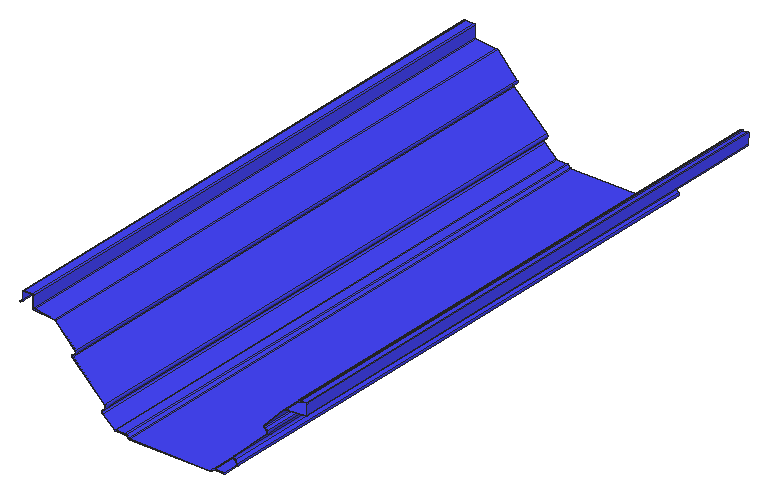
Revit family "L145", category 一般モデル, Revit 2021
Family settings
  鉄筋をホスト可能 = いいえ
  丸型コネクタ寸法 = 直径を使用
  パーツ タイプ = 標準
  作業面ベース = いいえ
  常に垂直 = はい
  ロード時にボイドで切り取り = いいえ
  共有 = いいえ
  部屋計算ポイント = いいえ
Parameters
  既定の高さ = 0 mm
  奥行き [instance] = 1000 mm
Reference planes
  plane 1 "中心(正面/背面)": y = 0
  plane 2: z = 0
  plane 3 "中心(左/右)": x = 0
  plane 4: x = 74.218
  plane 5: through (79.733, -1524, 5.067) normal (-0.7071, 0, -0.7071)
  plane 6: x = 99.579
  plane 7: through (124.615, -1524, 26.998) normal (0.682, 0, 0.7314)
  plane 8: through (114.641, -1524, 36.935) normal (0.6833, 0, -0.7302)
  plane 9: z = 172.086
  plane 10: through (179.398, -1524, 99.035) normal (0.6494, 0, 0.7604)
  plane 11: through (170.425, -1524, 106.698) normal (0.7254, 0, -0.6884)
  plane 12: through (205.914, -1524, 146.307) normal (0.0872, 0, -0.9962)
  plane 13: x = 248.381
  plane 14: through (233.381, -1524, 169.472) normal (0.1708, 0, -0.9853)
  plane 15 "背面": y = 1000
Forms (mm)
  Sweep 1, solid, material "ポシェ"
    path origin (0.099, 0, 0) x (1, 0, 0) y (0, 0, 1)
      loop
        line (-270.938, 154.337) -> (-267.474, 156.337)
        arc (-267.474, 156.337) -> (-266.74, 157.072) -> (-266.471, 158.075) r 2.007
        line (-266.471, 158.075) -> (-266.471, 172.234)
        arc (-266.471, 172.234) -> (-266.183, 172.929) -> (-265.489, 173.216) r 0.982
        line (-265.489, 173.216) -> (-248.884, 173.216)
        arc (-248.884, 173.216) -> (-248.168, 172.92) -> (-247.871, 172.203) r 1.013
        line (-247.871, 172.203) -> (-247.871, 151.771)
        arc (-247.871, 151.771) -> (-247.339, 150.404) -> (-246.023, 149.755) r 2.024
        line (-246.023, 149.755) -> (-208.764, 146.495)
        arc (-208.764, 146.495) -> (-207.706, 146.204) -> (-206.82, 145.557) r 3.046
        line (-206.82, 145.557) -> (-171.335, 108.164)
        arc (-171.335, 108.164) -> (-170.784, 106.67) -> (-171.488, 105.242) r 2.017
        line (-171.488, 105.242) -> (-176.489, 100.971)
        arc (-176.489, 100.971) -> (-177.534, 98.787) -> (-176.617, 96.546) r 2.985
        line (-176.617, 96.546) -> (-117.903, 40.242)
        arc (-117.903, 40.242) -> (-116.677, 37.405) -> (-117.849, 34.545) r 3.983
        line (-117.849, 34.545) -> (-122.045, 30.363)
        arc (-122.045, 30.363) -> (-123.227, 27.386) -> (-121.861, 24.49) r 4.024
        line (-121.861, 24.49) -> (-100.599, 5.811)
        arc (-100.599, 5.811) -> (-99.681, 5.259) -> (-98.626, 5.067) r 2.99
        line (-98.626, 5.067) -> (-81.024, 5.067)
        arc (-81.024, 5.067) -> (-79.917, 4.857) -> (-78.963, 4.255) r 3.022
        line (-78.963, 4.255) -> (-75.252, 0.795)
        arc (-75.252, 0.795) -> (-74.319, 0.206) -> (-73.235, 0) r 2.958
        line (-73.235, 0) -> (73.037, 0)
        arc (73.037, 0) -> (74.119, 0.205) -> (75.051, 0.793) r 2.953
        line (75.051, 0.793) -> (78.772, 4.263)
        arc (78.772, 4.263) -> (79.716, 4.859) -> (80.813, 5.067) r 2.992
        line (80.813, 5.067) -> (98.415, 5.067)
        arc (98.415, 5.067) -> (99.48, 5.261) -> (100.408, 5.819) r 3.02
        line (100.408, 5.819) -> (122.075, 24.853)
        arc (122.075, 24.853) -> (123.107, 27.041) -> (122.215, 29.29) r 3.04
        line (122.215, 29.29) -> (117.405, 34.082)
        arc (117.405, 34.082) -> (116.243, 36.919) -> (117.46, 39.733) r 3.951
        line (117.46, 39.733) -> (176.916, 96.75)
        arc (176.916, 96.75) -> (177.835, 98.992) -> (176.789, 101.178) r 2.987
        line (176.789, 101.178) -> (171.934, 105.324)
        arc (171.934, 105.324) -> (171.239, 106.733) -> (171.783, 108.207) r 1.99
        line (171.783, 108.207) -> (207.352, 145.689)
        arc (207.352, 145.689) -> (208.22, 146.323) -> (209.256, 146.608) r 2.983
        line (209.256, 146.608) -> (246.425, 149.86)
        arc (246.425, 149.86) -> (247.748, 150.512) -> (248.282, 151.886) r 2.034
        line (248.282, 151.886) -> (248.282, 171.117)
        arc (248.282, 171.117) -> (247.937, 171.859) -> (247.147, 172.072) r 0.97
        line (247.147, 172.072) -> (234.615, 170.322)
        arc (234.615, 170.322) -> (234.262, 170.468) -> (234.116, 170.821) r 0.499
        arc (234.116, 170.821) -> (234.262, 171.173) -> (234.615, 171.319) r 0.499
        line (234.615, 171.319) -> (237.806, 171.319)
    profile origin (0, 0, 0) x (0, 0, 1) y (0, -1, 0)
      loop
        line (0, 0) -> (0, -1000) -> (0.8, -1000) -> (0.8, 0) -> (0, 0)
Dimensions and locks
  "奥行き": plane 1 "中心(正面/背面)" to plane 15 "背面"
  aligned and locked: level to plane 2
  aligned and locked: plane 15 "背面" to Sweep 1 sketch curve
Automatic sketch dimensions
  Sweep 1 sketch curve to Sweep 1 sketch curve = 0 mm
  Sweep 1 sketch curve to level = 0 mm
  Sweep 1 sketch curve to plane 10 = 0 mm  (x2)
  Sweep 1 sketch curve to plane 12 = 0 mm  (x2)
  Sweep 1 sketch curve to plane 13 = 0 mm
  Sweep 1 sketch curve to plane 9 = 0.117 mm
  Sweep 1 sketch curve to Sweep 1 sketch curve = 1.013 mm
  Sweep 1 sketch curve to Sweep 1 sketch curve = 16.605 mm
  Sweep 1 sketch curve to Sweep 1 sketch curve = 0.982 mm
  Sweep 1 sketch curve to Sweep 1 sketch curve = 1.004 mm  (x2)
  Sweep 1 sketch curve to Sweep 1 sketch curve = 36.993 mm
  Sweep 1 sketch curve to Sweep 1 sketch curve = 0.265 mm
  Sweep 1 sketch curve to Sweep 1 sketch curve = 2.066 mm
  Sweep 1 sketch curve to Sweep 1 sketch curve = 3.691 mm
  Sweep 1 sketch curve to Sweep 1 sketch curve = 1.31 mm
  Sweep 1 sketch curve to Sweep 1 sketch curve = 1.463 mm
  Sweep 1 sketch curve to Sweep 1 sketch curve = 0.185 mm
  Sweep 1 sketch curve to Sweep 1 sketch curve = 1.385 mm
  Sweep 1 sketch curve to Sweep 1 sketch curve = 2.841 mm
  Sweep 1 sketch curve to Sweep 1 sketch curve = 2.757 mm
  Sweep 1 sketch curve to Sweep 1 sketch curve = 2.812 mm
  level to Sweep 1 sketch curve = 0.795 mm
  Sweep 1 sketch curve to Sweep 1 sketch curve = 2.017 mm
  Sweep 1 sketch curve to plane 4 = 1.082 mm
  level to Sweep 1 sketch curve = 0.793 mm
  plane 4 to Sweep 1 sketch curve = 0.932 mm
  Sweep 1 sketch curve to plane 6 = 1.065 mm
  plane 6 to Sweep 1 sketch curve = 0.928 mm
  plane 6 to Sweep 1 sketch curve = 17.926 mm
  Sweep 1 sketch curve to Sweep 1 sketch curve = 0.054 mm
  Sweep 1 sketch curve to Sweep 1 sketch curve = 2.664 mm
  Sweep 1 sketch curve to Sweep 1 sketch curve = 2.789 mm
  Sweep 1 sketch curve to Sweep 1 sketch curve = 2.006 mm
  Sweep 1 sketch curve to Sweep 1 sketch curve = 2.145 mm
  Sweep 1 sketch curve to Sweep 1 sketch curve = 1.292 mm
  Sweep 1 sketch curve to Sweep 1 sketch curve = 2.915 mm
  Sweep 1 sketch curve to Sweep 1 sketch curve = 2.068 mm
  Sweep 1 sketch curve to Sweep 1 sketch curve = 2.164 mm
  plane 9 to Sweep 1 sketch curve = 0.014 mm
  Sweep 1 sketch curve to plane 13 = 1.135 mm
  plane 9 to Sweep 1 sketch curve = 0.97 mm
  level to Sweep 1 sketch curve = 2.045 mm
  level to Sweep 1 sketch curve = 2.075 mm
  Sweep 1 sketch curve to Sweep 1 sketch curve = 2.21 mm
  Sweep 1 sketch curve to Sweep 1 sketch curve = 2.189 mm
  Sweep 1 sketch curve to Sweep 1 sketch curve = 0.744 mm
  Sweep 1 sketch curve to Sweep 1 sketch curve = 0.751 mm
  level to Sweep 1 sketch curve = 24.853 mm
  Sweep 1 sketch curve to Sweep 1 sketch curve = 2.283 mm
  Sweep 1 sketch curve to Sweep 1 sketch curve = 4.792 mm
  Sweep 1 sketch curve to Sweep 1 sketch curve = 2.799 mm
  Sweep 1 sketch curve to Sweep 1 sketch curve = 2.822 mm
  Sweep 1 sketch curve to Sweep 1 sketch curve = 4.428 mm
  plane 9 to Sweep 1 sketch curve = 1.765 mm
  Sweep 1 sketch curve to Sweep 1 sketch curve = 0.499 mm
  Sweep 1 sketch curve to Sweep 1 sketch curve = 3.464 mm
  Sweep 1 sketch curve to Sweep 1 sketch curve = 3.192 mm
  profile plane to Sweep 1 sketch curve = 0 mm
  Sweep 1 sketch curve to plane 1 "中心(正面/背面)" = 0 mm
  Sweep 1 sketch curve to Sweep 1 sketch curve = 0.8 mm
  Sweep 1 sketch curve to plane 3 "中心(左/右)" = 73.136 mm
  Sweep 1 sketch curve to Sweep 1 sketch curve = 3.711 mm
  Sweep 1 sketch curve to Sweep 1 sketch curve = 2.061 mm
  level to Sweep 1 sketch curve = 8.057 mm
  Sweep 1 sketch curve to Sweep 1 sketch curve = 17.602 mm
  level to Sweep 1 sketch curve = 34.545 mm
  Sweep 1 sketch curve to Sweep 1 sketch curve = 19.222 mm
  Sweep 1 sketch curve to Sweep 1 sketch curve = 53.432 mm
  Sweep 1 sketch curve to Sweep 1 sketch curve = 1.939 mm
  Sweep 1 sketch curve to Sweep 1 sketch curve = 35.485 mm
  Sweep 1 sketch curve to Sweep 1 sketch curve = 1.944 mm
  Sweep 1 sketch curve to Sweep 1 sketch curve = 0.176 mm
  Sweep 1 sketch curve to Sweep 1 sketch curve = 2.024 mm
  Sweep 1 sketch curve to Sweep 1 sketch curve = 10.056 mm
  Sweep 1 sketch curve to Sweep 1 sketch curve = 3.023 mm
  Sweep 1 sketch curve to Sweep 1 sketch curve = 11.618 mm
  Sweep 1 sketch curve to Sweep 1 sketch curve = 2.155 mm
  Sweep 1 sketch curve to Sweep 1 sketch curve = 2.922 mm
  Sweep 1 sketch curve to Sweep 1 sketch curve = 1.513 mm
  Sweep 1 sketch curve to Sweep 1 sketch curve = 2.972 mm
  plane 6 to Sweep 1 sketch curve = 72.303 mm
  Sweep 1 sketch curve to Sweep 1 sketch curve = 0.151 mm
  plane 9 to Sweep 1 sketch curve = 70.908 mm
  plane 9 to Sweep 1 sketch curve = 26.397 mm
  Sweep 1 sketch curve to plane 13 = 40.93 mm
  Sweep 1 sketch curve to Sweep 1 sketch curve = 12.532 mm
  Sweep 1 sketch curve to Sweep 1 sketch curve = 2.034 mm
  Sweep 1 sketch curve to plane 13 = 1.857 mm
  plane 9 to Sweep 1 sketch curve = 75.54 mm
  plane 9 to Sweep 1 sketch curve = 28.626 mm
  Sweep 1 sketch curve to Sweep 1 sketch curve = 2.097 mm
  plane 9 to Sweep 1 sketch curve = 22.332 mm
  plane 9 to Sweep 1 sketch curve = 15.749 mm
  Sweep 1 sketch curve to Sweep 1 sketch curve = 2 mm
  plane 4 to Sweep 1 sketch curve = 4.653 mm
  Sweep 1 sketch curve to Sweep 1 sketch curve = 2.041 mm
